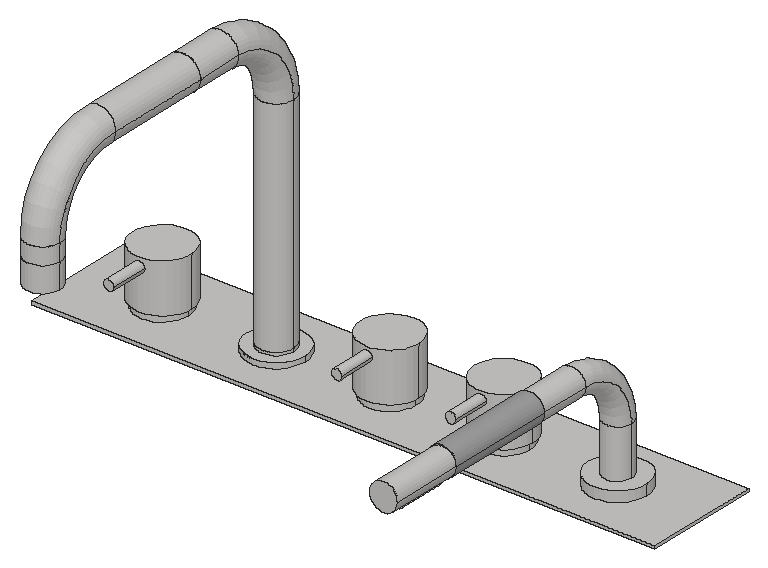
Revit family "BK11", category Generic Models, Revit 2021
Family settings
  Can host rebar = No
  Round Connector Dimension = Use Diameter
  Part Type = Normal
  Work Plane-Based = No
  Always vertical = Yes
  Cut with Voids When Loaded = No
  Shared = No
  Room Calculation Point = No
Parameters (values of type "Standard")
  e-mail = "info@vola.com"
  URL = "http://vola.com"
  Telephone = "+45 7023 5500"
  Quality management standard = "ISO 9001"
  Organisation no. / DUNS no. = "17531328"
  Occupational health and safety management standard = "ISO 18001"
  Mounting Instructions = "http://vola.com/service/producturl.ashx?name=BK11"
  Model = "BK11"
  Materials and components information = "http://vola.com/service/producturl.ashx?name=BK11"
  Manufacturer = "VOLA A/S"
  Maintenance Instructions = "http://vola.com/service/producturl.ashx?name=BK11"
  Guarantee = "2 years"
  Flow = "30,00 l/min"
  Environmental management standard = "ISO 14000"
  Default Elevation = 0.0000 mm
  Connection - All relevant connections = "½\" flexible hose"
  Approvals = "http://vola.com/service/producturl.ashx?name=BK11"
Reference planes
  plane 1 "Center (Front/Back)": y = 0
  plane 2: z = 0
  plane 3 "Center (Left/Right)": x = 0
Forms (mm)
  Extrusion 1, solid, material "Stainless Steel"
    sketch origin (117, 0, 6.5) x (1, 0, 0) y (0, 1, 0)
      loop
        line (-330.5, 40) -> (-330.5, -40) -> (96.5, -40) -> (96.5, 40) -> (-330.5, 40)
    from -6.5 to -4.5
  Extrusion 2, solid, material "Stainless Steel"
    sketch origin (78, 0, 0) x (1, 0, 0) y (0, 1, 0)
      loop
        circle (0, 0) r 20
    from 7 to 40.5
  Extrusion 3, solid, material "Stainless Steel"
    sketch origin (78, 0, 0) x (1, 0, 0) y (0, 1, 0)
      loop
        circle (0, 0) r 18
    from 2 to 7
  Extrusion 4, solid, material "Stainless Steel"
    sketch origin (78, 0, 0.75) x (1, 0, 0) y (0, 0, 1)
      loop
        circle (0, 34.5) r 3.5
    from 19 to 45.5
  Extrusion 5, solid, material "Stainless Steel"
    sketch origin (-156, 0, 0) x (1, 0, 0) y (0, 1, 0)
      loop
        circle (0, 0) r 20
    from 7 to 40.5
  Extrusion 6, solid, material "Stainless Steel"
    sketch origin (-156, 0, 0) x (1, 0, 0) y (0, 1, 0)
      loop
        circle (0, 0) r 18
    from 2 to 7
  Extrusion 7, solid, material "Stainless Steel"
    sketch origin (-156, 0, 0) x (1, 0, 0) y (0, 0, 1)
      loop
        circle (0, 34.5) r 3.5
    from 19 to 45.5
  Extrusion 8, solid, material "Stainless Steel"
    sketch origin (-78, 0, 2) x (1, 0, 0) y (0, 1, 0)
      loop
        circle (0, 0) r 20
    from 0 to 3.5
  Extrusion 9, solid, material "Stainless Steel"
    sketch origin (-78, 0, 5.5) x (1, 0, 0) y (0, 1, 0)
      loop
        circle (0, 0) r 12
    from 0 to 2
  Sweep 10, solid, material "Stainless Steel"
    path origin (-78, 0, 0) x (0, 1, 0) y (0, 0, 1)
      loop
        line (0, 7.5) -> (0, 160)
        arc (0, 160) -> (-13.912, 193.588) -> (-47.5, 207.5) r 47.5
        line (-47.5, 207.5) -> (-80, 207.5)
    profile origin (-78, 0, 83.75) x (0, -1, 0) y (1, 0, 0)
      loop
        circle (0, 0) r 12
  Sweep 11, solid, material "Stainless Steel"
    path origin (-78, 0, 0) x (0, 1, 0) y (0, 0, 1)
      loop
        line (-80, 207.5) -> (-152.5, 207.5)
        arc (-152.5, 207.5) -> (-186.088, 193.588) -> (-200, 160) r 47.5
        line (-200, 160) -> (-200, 148.5)
    profile origin (-78, -116.25, 207.5) x (0, 0, -1) y (1, 0, 0)
      loop
        circle (0, 0) r 12
  Extrusion 12, solid, material "Stainless Steel"
    sketch origin (-78, -200, 148.5) x (0, -1, 0) y (-1, 0, 0)
      loop
        circle (0, 0) r 12
    from 0 to 17.2
  Extrusion 13, solid, material "Stainless Steel"
    sketch origin (156, 0, 2) x (1, 0, 0) y (0, 1, 0)
      loop
        circle (0, 0) r 20
    from 0 to 7
  Sweep 14, solid, material "Stainless Steel"
    path origin (156, 0, 2) x (0, 1, 0) y (0, 0, 1)
      loop
        line (0, 7) -> (0, 40.5)
        arc (0, 40.5) -> (-11.569, 68.431) -> (-39.5, 80) r 39.5
        line (-39.5, 80) -> (-75.5, 80)
    profile origin (156, 0, 25.75) x (0, -1, 0) y (1, 0, 0)
      loop
        circle (0, 0) r 9.5
  Extrusion 15, solid, material "Grey Coating"
    sketch origin (156, -75.5, 82) x (1, 0, 0) y (0, 0, 1)
      loop
        circle (0, 0) r 10
    from 0 to 75
  Extrusion 16, solid, material "Stainless Steel"
    sketch origin (156, -150.5, 82) x (1, 0, 0) y (0, 0, 1)
      loop
        circle (0, 0) r 9.5
    from 0 to 50
  Extrusion 17, solid, material "Stainless Steel"
    sketch origin (156, 9.25, 64.884) x (1, 0, 0) y (0, 1, 0)
      loop
        circle (0, -200.45) r 1.225
      loop
        circle (0, -195.95) r 1.225
      loop
        circle (0, -191.45) r 1.225
      loop
        circle (0, -186.95) r 1.225
      loop
        circle (0, -182.45) r 1.225
      loop
        circle (0, -177.95) r 1.225
      loop
        circle (0, -173.45) r 1.225
      loop
        circle (0, -168.95) r 1.225
    from 7.116 to 10.217
  Extrusion 18, solid, material "Stainless Steel"
    sketch origin (164.298, 9.25, 67.03) x (-0.87462, 0, -0.48481) y (0, -1, 0)
      loop
        circle (0, 200.45) r 1.225
      loop
        circle (0, 195.95) r 1.225
      loop
        circle (0, 191.45) r 1.225
      loop
        circle (0, 186.95) r 1.225
      loop
        circle (0, 182.45) r 1.225
      loop
        circle (0, 177.95) r 1.225
      loop
        circle (0, 173.45) r 1.225
      loop
        circle (0, 168.95) r 1.225
    from 7.116 to 10.217
  Extrusion 19, solid, material "Stainless Steel"
    sketch origin (147.702, 9.25, 67.03) x (0.87462, 0, -0.48481) y (0, 1, 0)
      loop
        circle (0, -200.45) r 1.225
      loop
        circle (0, -195.95) r 1.225
      loop
        circle (0, -191.45) r 1.225
      loop
        circle (0, -186.95) r 1.225
      loop
        circle (0, -182.45) r 1.225
      loop
        circle (0, -177.95) r 1.225
      loop
        circle (0, -173.45) r 1.225
      loop
        circle (0, -168.95) r 1.225
    from 7.116 to 10.217
  Extrusion 20, solid, material "Stainless Steel"
    sketch origin (0, 0, 0) x (1, 0, 0) y (0, 1, 0)
      loop
        circle (0, 0) r 20
    from 7 to 40.5
  Extrusion 21, solid, material "Stainless Steel"
    sketch origin (0, 0, 0) x (1, 0, 0) y (0, 1, 0)
      loop
        circle (0, 0) r 18
    from 2 to 7
  Extrusion 22, solid, material "Stainless Steel"
    sketch origin (0, 0, 0) x (1, 0, 0) y (0, 0, 1)
      loop
        circle (0, 34.5) r 3.5
    from 19 to 45.5
Cuts and joins
  joined: Extrusion 5, Extrusion 7
  joined: Extrusion 20, Extrusion 22
  joined: Extrusion 2, Extrusion 4
Lines and regions (mm)
  model lines
    curve 1: line (84.05, 19.141, 40.5) -> (84.05, -19.141, 40.5)
    curve 2: line (71.95, 19.141, 40.5) -> (71.95, -19.141, 40.5)
Dimensions and locks
  aligned and locked: plane 2 to level
